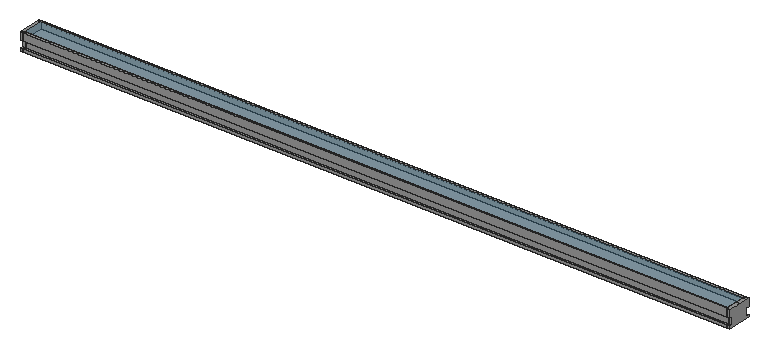
Revit family "LLED8000-LPG-4RF", category Lighting Fixtures, Revit 2017
Family settings
  Round Connector Dimension = Use Diameter
  Part Type = Normal
  OmniClass Number = 23.80.70.00
  OmniClass Title = Lighting
  Work Plane-Based = Yes
  Always vertical = Yes
  Cut with Voids When Loaded = No
  Light Source = Yes
  Shared = No
  Room Calculation Point = No
Parameters (values of type "LLED8000-LPG")
  Wattage = 9.2903 W
  built-in parameter 1150110 = 1 (stored number, unit not read)
  built-in parameter 1114217 = 1 (stored number, unit not read)
  built-in parameter 1150109 = 1 (stored number, unit not read)
  built-in parameter 1150134 = 3
  built-in parameter 1150113 = 1 (stored number, unit not read)
  built-in parameter 1150105 = 109.82 (stored number, unit not read)
  Lumens = 1380 lm
  built-in parameter 1150115 = 1 (stored number, unit not read)
  Light Source Symbol Size = 24.000"
  built-in parameter 1150137 = (empty or 0)
  built-in parameter 1150139 = (empty or 0)
  built-in parameter 1150112 = 1 (stored number, unit not read)
  built-in parameter 1150114 = 1 (stored number, unit not read)
  L = 24.000"
  built-in parameter 1150132 = (empty or 0)
  built-in parameter 1150102 = (empty or 0)
  built-in parameter 1150107 = 3200 (stored number, unit not read)
  built-in parameter 1150138 = (empty or 0)
  built-in parameter 1150106 = 1.0982 (stored number, unit not read)
  Fixture cap = fixture cap
  Fixture = fixture
  Emit from Line Length = 24.000"
  built-in parameter 1150104 = 13.8 (stored number, unit not read)
  Dimming Lamp Color Temperature Shift = <None>
  Default Elevation = 2.60039"
  Color Filter = 16777215
  Bulb = Glass
  built-in parameter 1114218 = 1 (stored number, unit not read)
  built-in parameter 1150133 = 10 (stored number, unit not read)
Reference planes (in)
  plane 1 "Light Source Axis (F/B)": y = 0
  plane 2: z = -0.01
  plane 3 "Light Source Axis (L/R)": x = 0
  plane 4 "Light Source Elevation": z = 54
  plane 5: x = -12
  plane 6: x = 12
  plane 7: x = -12.1
  plane 8: x = 12.1
  plane 9: z = -0.25
  plane 10: z = -0.91
Forms (in)
  Revolve 1, solid, not visible
    sketch origin (-0.00118, 0, 6.68102) x (1, 0, 0) y (0, 0, 1)
      loop
        line (0, 1.27453) -> (0.22, 1.27453) -> (0.22, 1.98615) -> (0, 1.98615) -> (0, 1.27453)
      axis (0, 1.98615) -> (0, 1.27453)
    angle from 0 to 360
  Extrusion 2, solid, material "fixture cap" <- "Fixture cap", not visible
    sketch origin (-0.00118, -0.05736, 6.68102) x (1, 0, 0) y (0, 0, 1)
      loop
        line (0, 1.6939) -> (0.66, 1.6939) -> (0.66, 1.98615) -> (0, 1.98615) -> (-0.66, 1.98615) -> (-0.66, 1.6939) -> (0, 1.6939)
    from -0.23545 to 0.11965
  Extrusion 3, void, not visible
    sketch origin (-0.00118, 0, 6.68102) x (1, 0, 0) y (0, 0, 1)
      loop
        arc (-0.66, 1.6939) -> (-0.58698, 1.88163) -> (-0.41477, 1.98615) r 0.31341
        line (-0.41477, 1.98615) -> (-0.66, 1.98615) -> (-0.66, 1.6939)
      loop
        line (0.66, 1.6939) -> (0.66, 1.98615) -> (0.41477, 1.98615)
        arc (0.41477, 1.98615) -> (0.58698, 1.88163) -> (0.66, 1.6939) r 0.31341
    from -0.17809 to 0.17701
  Blend 4, solid, not visible
    base sketch origin (-0.00118, 0, 7.13918) x (1, 0, 0) y (0, 1, 0)
      loop
        circle (0, 0) r 0.57599
    top sketch origin (-0.00118, 0, 7.13918) x (1, 0, 0) y (0, 1, 0)
      loop
        circle (0, 0) r 0.42
    from -0.52219 to 0.72781
  Blend 5, solid, not visible
    base sketch origin (-0.00118, 0, 6.68102) x (1, 0, 0) y (0, 1, 0)
      loop
        circle (0, 0) r 0.42
    top sketch origin (-0.00118, 0, 6.68102) x (1, 0, 0) y (0, 1, 0)
      loop
        circle (0, 0) r 0.22
    from 1.18597 to 1.27148
  Extrusion 6, void, not visible
    sketch origin (0.0069, 0, 6.93102) x (1, 0, 0) y (0, 1, 0)
      loop
        arc (-0.54002, 0.08041) -> (-0.58407, 0) -> (-0.54002, -0.08041) r 0.09541
        line (-0.54002, -0.08041) -> (-0.19879, -0.08041)
        arc (-0.19879, -0.08041) -> (-0.00676, -0.19306) -> (0.18528, -0.08041) r 0.22
        line (0.18528, -0.08041) -> (0.54002, -0.08041)
        arc (0.54002, -0.08041) -> (0.58407, 0) -> (0.54002, 0.08041) r 0.09541
        line (0.54002, 0.08041) -> (0.18542, 0.08041)
        arc (0.18542, 0.08041) -> (-0.00739, 0.19447) -> (-0.2002, 0.08041) r 0.22
        line (-0.2002, 0.08041) -> (-0.54002, 0.08041)
    from 1.43764 to 1.77364
  Revolve 7, solid, not visible
    sketch origin (-0.00118, 0, 4.43877) x (1, 0, 0) y (0, 0, 1)
      loop
        line (0, 2.17822) -> (0, 1.78225) -> (0.66857, 1.78225) -> (0.49227, 2.17822) -> (0, 2.17822)
      axis (0, 2.17822) -> (0, 1.78225)
    angle from 0 to 360
  Revolve 8, solid, not visible
    sketch origin (-0.00118, 0, 6.68102) x (1, 0, 0) y (0, 0, -1)
      loop
        line (0, -1.27453) -> (0, -1.98615) -> (0.22, -1.98615) -> (0.22, -1.27453) -> (0, -1.27453)
      axis (0, -1.98615) -> (0, -1.27453)
    angle from 0 to 360
  Extrusion 9, solid, material "fixture cap" <- "Fixture cap", not visible
    sketch origin (-0.00118, 0.05736, 6.68102) x (1, 0, 0) y (0, 0, -1)
      loop
        line (0, -0.68597) -> (-0.66, -0.68597) -> (-0.66, -1.98615) -> (0, -1.98615) -> (0.66, -1.98615) -> (0.66, -0.68597) -> (0, -0.68597)
    from -0.23545 to 0.11965
  Extrusion 10, void, not visible
    sketch origin (-0.00118, 0, 6.68102) x (1, 0, 0) y (0, 0, -1)
      loop
        line (-0.66, -1.6939) -> (-0.66, -1.98615) -> (-0.41477, -1.98615)
        arc (-0.41477, -1.98615) -> (-0.58698, -1.88163) -> (-0.66, -1.6939) r 0.31341
      loop
        arc (0.66, -1.6939) -> (0.58698, -1.88163) -> (0.41477, -1.98615) r 0.31341
        line (0.41477, -1.98615) -> (0.66, -1.98615) -> (0.66, -1.6939)
    from -0.17809 to 0.17701
  Blend 11, solid, not visible
    base sketch origin (-0.00118, 0, 6.68102) x (1, 0, 0) y (0, 1, 0)
      loop
        circle (0, 0) r 0.42
    top sketch origin (-0.00118, 0, 6.68102) x (1, 0, 0) y (0, 1, 0)
      loop
        circle (0, 0) r 0.22
    from 1.18597 to 1.27148
  Extrusion 12, void, not visible
    sketch origin (0.0069, 0, 6.93102) x (1, 0, 0) y (0, 1, 0)
      loop
        line (-0.54002, -0.08041) -> (-0.2002, -0.08041)
        arc (-0.2002, -0.08041) -> (-0.00739, -0.19447) -> (0.18542, -0.08041) r 0.22
        line (0.18542, -0.08041) -> (0.54002, -0.08041)
        arc (0.54002, -0.08041) -> (0.58407, 0) -> (0.54002, 0.08041) r 0.09541
        line (0.54002, 0.08041) -> (0.18528, 0.08041)
        arc (0.18528, 0.08041) -> (-0.00676, 0.19306) -> (-0.19879, 0.08041) r 0.22
        line (-0.19879, 0.08041) -> (-0.54002, 0.08041)
        arc (-0.54002, 0.08041) -> (-0.58407, 0) -> (-0.54002, -0.08041) r 0.09541
    from 1.43764 to 1.77364
  Extrusion 13, void, not visible
    sketch origin (-0.00118, 0, 6.83727) x (1, 0, 0) y (0, 0, -1)
      loop
        line (-0.50265, -1.4876) -> (-0.3469, -1.4876)
        arc (-0.3469, -1.4876) -> (-0.42478, -1.34712) -> (-0.50265, -1.4876) r 0.09183
      loop
        arc (0.50265, -1.4876) -> (0.42478, -1.34712) -> (0.3469, -1.4876) r 0.09183
        line (0.3469, -1.4876) -> (0.50265, -1.4876)
    from -0.22339 to 0.22501
  Extrusion 14, solid, not visible
    sketch origin (-0.00049, 0, 6.93102) x (1, 0, 0) y (0, 1, 0)
      loop
        line (-0.03443, 0) -> (-0.03443, -0.08951)
        arc (-0.03443, -0.08951) -> (-0.02214, -0.11039) -> (0, -0.12025) r 0.03974
        arc (0, -0.12025) -> (0.02214, -0.11039) -> (0.03443, -0.08951) r 0.03974
        line (0.03443, -0.08951) -> (0.03443, 0) -> (0.03443, 0.08951)
        arc (0.03443, 0.08951) -> (0.02214, 0.11039) -> (0, 0.12025) r 0.03974
        arc (0, 0.12025) -> (-0.02214, 0.11039) -> (-0.03443, 0.08951) r 0.03974
        line (-0.03443, 0.08951) -> (-0.03443, 0)
    from 1.43764 to 1.50249
  Extrusion 15, solid, material "fixture" <- "Fixture"
    sketch origin (-12, -0.125, -0.25) x (0, 0, 1) y (0, -1, 0)
      loop
        line (0.23915, 0.235) -> (-0.017, 0.235) -> (-0.017, 0.138) -> (-0.27385, 0.138) -> (-0.27385, 0.235) -> (-0.35085, 0.235) -> (-0.35085, -0.565) -> (-0.27385, -0.565) -> (-0.27385, -0.468) -> (-0.017, -0.468) -> (-0.017, -0.565) -> (0.23915, -0.565) -> (0.23915, -0.515) -> (0.033, -0.515) -> (0.033, 0.185) -> (0.23915, 0.185) -> (0.23915, 0.235)
    from 0 to 24
  Extrusion 16, solid, material "Glass" <- "Bulb"
    sketch origin (-12, -0.10955, 0.67) x (0, 0, -1) y (0, 1, 0)
      loop
        line (0.68085, 0.49955) -> (0.68085, -0.20045) -> (0.72319, -0.20045) -> (0.72319, 0.49955) -> (0.68085, 0.49955)
    from 0 to 24
  Extrusion 17, solid, material "fixture" <- "Fixture"
    sketch origin (-12, -0.125, -0.01) x (0, 0, 1) y (0, 1, 0)
      loop
        line (-0.00085, -0.235) -> (-0.00085, -0.185) -> (-0.00085, 0.515) -> (-0.00085, 0.565) -> (-0.257, 0.565) -> (-0.257, 0.468) -> (-0.51385, 0.468) -> (-0.51385, 0.565) -> (-0.59085, 0.565) -> (-0.59085, -0.235) -> (-0.51385, -0.235) -> (-0.51385, -0.138) -> (-0.257, -0.138) -> (-0.257, -0.235) -> (-0.00085, -0.235)
    from 0 to 0.1
  Extrusion 18, solid, material "fixture" <- "Fixture"
    sketch origin (12, -0.125, -0.01) x (0, 0, 1) y (0, -1, 0)
      loop
        line (-0.00085, 0.235) -> (-0.257, 0.235) -> (-0.257, 0.138) -> (-0.51385, 0.138) -> (-0.51385, 0.235) -> (-0.59085, 0.235) -> (-0.59085, -0.565) -> (-0.51385, -0.565) -> (-0.51385, -0.468) -> (-0.257, -0.468) -> (-0.257, -0.565) -> (-0.00085, -0.565) -> (-0.00085, -0.19) -> (-0.00085, 0.235)
    from 0 to 0.1
Dimensions and locks (in)
  "L": plane 6 to plane 5
  plane 5 to plane 6 = 24.000"  (x2)
  locked: plane 6 to plane 8 at 0.1
  equal spacing: plane 5, plane 3 "Light Source Axis (L/R)", plane 6
  locked: plane 7 to plane 5 at 0.1
  Extrusion 15 sketch curve to Extrusion 15 sketch curve = 0.590"
  Extrusion 17 to Extrusion 17 = 0.590"
  Extrusion 17 to Extrusion 17 = 0.800"
  aligned and locked: level to plane 2
  aligned and locked: plane 7 to Extrusion 17  (x3)
  aligned and locked: Extrusion 15 to plane 6
  aligned and locked: plane 5 to Extrusion 17
  aligned and locked: Extrusion 16 to plane 5
  aligned and locked: Extrusion 15 to plane 5
  aligned and locked: Extrusion 15 to Extrusion 17
  aligned and locked: Extrusion 17 to plane 5
  aligned and locked: Extrusion 16 to Extrusion 15  (x2)
  aligned and locked: Extrusion 15 to Extrusion 16
  aligned and locked: Extrusion 17 to Extrusion 16  (x2)
  aligned and locked: plane 6 to Extrusion 16
  aligned and locked: Extrusion 16 to Extrusion 18
  aligned and locked: plane 8 to Extrusion 18
Automatic sketch dimensions
  plane 10 to Extrusion 15 sketch curve = 0.30915"
  Extrusion 15 sketch curve to Extrusion 15 sketch curve = 0.077"  (x2)
  Extrusion 15 sketch curve to plane 9 = 0.017"  (x2)
  plane 9 to Extrusion 15 sketch curve = 0.033"
  Extrusion 15 sketch curve to level = 0.00085"
  Extrusion 15 sketch curve to plane 1 "Light Source Axis (F/B)" = 0.440"
  Extrusion 15 sketch curve to Extrusion 15 sketch curve = 0.000"
  Extrusion 15 sketch curve to Extrusion 15 sketch curve = 0.050"  (x2)
  Extrusion 15 sketch curve to Extrusion 15 sketch curve = 0.097"  (x2)
  plane 1 "Light Source Axis (F/B)" to Extrusion 15 sketch curve = 0.263"
  Extrusion 15 sketch curve to Extrusion 15 sketch curve = 0.047"
  Extrusion 16 sketch curve to level = 0.00085"
  Extrusion 16 sketch curve to Extrusion 16 sketch curve = 0.04234"
  plane 1 "Light Source Axis (F/B)" to Extrusion 16 sketch curve = 0.310"
  Extrusion 16 sketch curve to plane 1 "Light Source Axis (F/B)" = 0.390"
  plane 10 to Extrusion 18 sketch curve = 0.30915"
  Extrusion 18 sketch curve to Extrusion 18 sketch curve = 0.077"  (x2)
  Extrusion 18 sketch curve to plane 9 = 0.017"  (x2)
  Extrusion 18 sketch curve to Extrusion 18 sketch curve = 0.000"
  Extrusion 18 sketch curve to Extrusion 18 sketch curve = 0.375"
  Extrusion 18 sketch curve to Extrusion 18 sketch curve = 0.097"  (x2)
  plane 1 "Light Source Axis (F/B)" to Extrusion 18 sketch curve = 0.263"
  Extrusion 18 sketch curve to Extrusion 18 sketch curve = 0.425"
  plane 10 to Extrusion 17 sketch curve = 0.30915"
  Extrusion 17 sketch curve to Extrusion 17 sketch curve = 0.077"  (x2)
  Extrusion 17 sketch curve to plane 9 = 0.017"  (x2)
  Extrusion 17 sketch curve to level = 0.00085"
  plane 1 "Light Source Axis (F/B)" to Extrusion 17 sketch curve = 0.360"
  Extrusion 17 sketch curve to Extrusion 17 sketch curve = 0.000"
  Extrusion 17 sketch curve to Extrusion 17 sketch curve = 0.097"  (x3)
  Extrusion 17 sketch curve to plane 1 "Light Source Axis (F/B)" = 0.343"
  Extrusion 17 sketch curve to Extrusion 17 sketch curve = 0.050"  (x2)
  Extrusion 18 sketch curve to level = 0.00085"
  Extrusion 18 sketch curve to Extrusion 18 sketch curve = 0.328"
